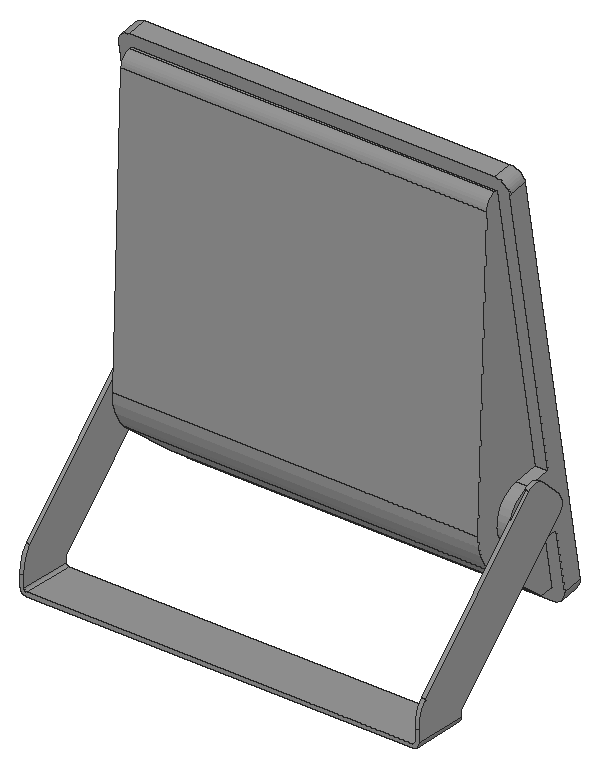
Revit family "SFIP66_100W", category Lighting Fixtures, host Face, Revit 2017
Family settings
  Host = Face
  Round Connector Dimension = Use Diameter
  Part Type = Normal
  OmniClass Number = 23.80.70.00
  OmniClass Title = Lighting
  Cut with Voids When Loaded = No
  Light Source = No
  Shared = No
  Room Calculation Point = No
Parameters (values of type "0048537 START FLOOD IP66 13KLM 840 ASYM")
  WingRadius_SYL = 10 mm
  WingLength_SYL = if([50W_SYL], 100 mm, if([100W_SYL], 142 mm, if([150W_SYL], 142 mm, if([200W_SYL], 150 mm, 170 mm))))  # 142 mm
  WidthBracket_SYL = 40 mm
  Weight = "3.9 kg"
  Wattage Comments = ""
  WarrantyStartDate [instance] = "n/a"
  WarrantyGuarantorParts = "n/a"
  WarrantyDurationUnit = "n/a"
  WarrantyDurationParts = "n/a"
  WarrantyDescription = "n/a"
  Voltage = 0 V
  URL = "http://www.sylvania-lighting.com"
  TypeName = "Start Flood IP66 13KLM 840 ASYM"
  TypeHead_SYL = START Flood IP66 100W luminaire : 0048537
  Type Image = <None>
  Type Comments = "n/a"
  ThicknessBracket_SYL = 3 mm
  SerialNumber [instance] = "n/a"
  RotationAngle_SYL [instance] = -100.00°
  RadiusOutBracket_SYL = 5 mm
  RadiusInBracket_SYL = 2 mm
  Material_3_SYL = none
  PowerFactor = 0.98
  PowerConsumption = "100 W"
  NominalLength = 418 mm
  NominalHeight = 77 mm
  NominalDepth = 330 mm
  Name = "Start Flood IP66 13KLM 840 ASYM"
  ModelReference = Name  # "Start Flood IP66 13KLM 840 ASYM"
  ModelNumber = "0048537"
  Model = Name  # "Start Flood IP66 13KLM 840 ASYM"
  Material = "n/a"
  ManufacturerName = "Feilo Sylvania"
  Manufacturer = "Feilo Sylvania"
  LuminousEfficacy = "132 lm/W"
  LuminaireType = ""
  LightOutputRatio = "n/a"
  LengthIn_SYL = if([50W_SYL], 210 mm, if([100W_SYL], 300 mm, if([150W_SYL], 295 mm, if([200W_SYL], 360 mm, 430 mm))))  # 300 mm
  LampsType = Lamp  # "LED"
  LampNominalLuminous = "13200 lm"
  LampMacAdamStep = "4"
  LampColourTemperature = "4000 K"
  LampColourRenderingIndex = "70"
  Lamp = "LED"
  Keynote = "16500"
  InstallationDate [instance] = "n/a"
  InputVoltage = "n/a"
  InputNominalFrequency = "n/a"
  IngressProtection = "IP66"
  ImpactProtectionIndex = "IK08"
  IfcExportType = "IfcLightFixtureType"
  IfcExportAs = "IfcLightFixtureType"
  EndAngle_SYL [instance] = RotationAngle_SYL + 180.00°  # 80.00°
  ElectricShockClassification = "Class I"
  DocumentationLiterature = "http://www.sylvania-lighting.com/product/en-int/products/0048537"
  DimmingControlOptions = "n/a"
  Material_2_SYL = none
  Description = "Exterior LED Floodlight, comes complete with 1500mm flying lead and adjustable bracket, aluminium housing, clear glass diffuser, IP66, IK08, Class I, 4000K, Non-dimming, 13200lm, 100W, 132lm/W, CRI80, Asymmetrical Wide beam angle (65° x 120° imax@55°), 60000 hrs L70B50 lifetime, 418 x 330 x 77mm (LxWxD) dimensions, 3.9kg weight."
  Default Elevation = 1219.2 mm
  CreatedOn = "9/23/2020"
  CreatedBy = "@sylvania-lighting.com"
  Cost = 0
  built-in parameter 1114216 [instance] = (empty or 0)
  ClassificationValue = "EF_70_80"
  ClassificationName = "Uniclass2015"
  Material_1_SYL = Steel, Paint Finish, Dark Gray, Matte
  BarCode [instance] = "n/a"
  AxisOffsetWingEnd_SYL = WidthBracket_SYL / 2  # 20 mm
  AxisHeight_SYL = sin(45.00°) * WingLength_SYL  # 100.409 mm
  AxisDepth_SYL = cos(45.00°) * (WingLength_SYL - tan(45.00°) * AxisOffsetWingEnd_SYL - AxisOffsetWingEnd_SYL)  # 72.125 mm
  AssetType = "Fixed"
  AssetIdentifier [instance] = "n/a"
  Assembly Code = "D5020200"
  Apparent Load = 100 VA
  Material_4_SYL = none
  50W_SYL = no
  200W_SYL = no
  150W_SYL = no
  100W_SYL = yes
Reference planes
  plane 1 "Center (Front/Back)": y = 0
  plane 2: z = 0
  plane 3 "Center (Left/Right)": x = 0
  plane 4: x = 153
  plane 5: x = -153
  plane 6: x = 150
  plane 7: x = -150
  plane 8: z = 10
  plane 9: y = 20
  plane 10: y = -20
  plane 11: z = 3
  plane 12: z = 110.409
  plane 13: y = 92.125
Forms (mm)
  Extrusion 1, solid, material "Steel, Paint Finish, Dark Gray, Matte" <- "Material_1_SYL"
    sketch origin (0, 0, 0) x (1, 0, 0) y (0, 0, 1)
      loop
        arc (148, 0) -> (151.536, 1.464) -> (153, 5) r 5
        line (153, 5) -> (153, 10) -> (150, 10) -> (150, 5)
        arc (150, 5) -> (149.414, 3.586) -> (148, 3) r 2
        line (148, 3) -> (-148, 3)
        arc (-148, 3) -> (-149.414, 3.586) -> (-150, 5) r 2
        line (-150, 5) -> (-150, 10) -> (-153, 10) -> (-153, 5)
        arc (-153, 5) -> (-151.536, 1.464) -> (-148, 0) r 5
        line (-148, 0) -> (148, 0)
    from -20 to 20
  Extrusion 2, solid, material "Steel, Paint Finish, Dark Gray, Matte" <- "Material_1_SYL"
    sketch origin (150, -4572, 2609.058) x (0, 0, 1) y (0, -1, 0)
      loop
        line (-2599.058, -4592) -> (-2505.72, -4685.338)
        arc (-2505.72, -4685.338) -> (-2498.649, -4688.267) -> (-2491.578, -4685.338) r 10
        line (-2491.578, -4685.338) -> (-2477.436, -4671.196)
        arc (-2477.436, -4671.196) -> (-2474.507, -4664.125) -> (-2477.436, -4657.054) r 10
        line (-2477.436, -4657.054) -> (-2576.632, -4557.858)
        arc (-2576.632, -4557.858) -> (-2585.316, -4553.5) -> (-2594.916, -4552) r 31.464
        line (-2594.916, -4552) -> (-2599.058, -4552) -> (-2599.058, -4592)
    from 0 to 3
  Extrusion 3, solid, material "Steel, Paint Finish, Dark Gray, Matte" <- "Material_1_SYL"
    sketch origin (-153, -4572, 2609.058) x (0, 0, 1) y (0, -1, 0)
      loop
        arc (-2505.72, -4685.338) -> (-2498.649, -4688.267) -> (-2491.578, -4685.338) r 10
        line (-2491.578, -4685.338) -> (-2477.436, -4671.196)
        arc (-2477.436, -4671.196) -> (-2474.507, -4664.125) -> (-2477.436, -4657.054) r 10
        line (-2477.436, -4657.054) -> (-2576.632, -4557.858)
        arc (-2576.632, -4557.858) -> (-2585.316, -4553.5) -> (-2594.916, -4552) r 31.464
        line (-2594.916, -4552) -> (-2604.058, -4552) -> (-2604.058, -4592) -> (-2599.058, -4592) -> (-2505.72, -4685.338)
    from 0 to 3
  Revolve 4, solid, not visible
    sketch origin (1223.4, -4572, 110.409) x (0, -1, 0) y (1, 0, 0)
      loop
        line (-4664.125, -1223.4) -> (-4679.125, -1223.4) -> (-4679.125, -1273.4) -> (-4664.125, -1273.4) -> (-4664.125, -1223.4)
      axis (-4664.125, -1223.4) -> (-4664.125, -1273.4)
    angle from -100 <- "RotationAngle_SYL" to 80 <- "EndAngle_SYL"
Cuts and joins
  joined: Extrusion 1, Extrusion 2, Extrusion 3
Lines and regions (mm)
  reference lines
    curve 1: line (0, 20, 10) -> (0, 172.028, 162.028)
    curve 2: line (0, 133.744, 180.312) -> (0, -20, 26.569)
    curve 3: line (0, 92.125, 138.693) -> (0, 120.409, 110.409)
    curve 4: line (-153, 4.393, 22.678) -> (-153, 170.135, 188.419)
    curve 5: line (0, 77.983, 124.551) -> (0, 106.267, 96.267)
Dimensions and locks
  locked: plane 8 to plane 2 at 10
  equal spacing: plane 10, plane 1 "Center (Front/Back)", plane 9
  "WidthBracket_SYL": plane 10 to plane 9
  "WidthBracket_SYL": curve 1 to curve 2
  "ThicknessBracket_SYL": plane 11 to plane 2
  "WingLength_SYL": curve 1 to curve 3
  level to Extrusion 1 = 10 mm
  equal spacing: plane 6, plane 3 "Center (Left/Right)", plane 7
  "LengthIn_SYL": plane 6 to plane 7
  equal spacing: plane 4, plane 3 "Center (Left/Right)", plane 5
  "ThicknessBracket_SYL": plane 7 to plane 5
  equal spacing: curve 1, curve 4, curve 2
  "AxisOffsetWingEnd_SYL": curve 3 to curve 5
  "AxisHeight_SYL": plane 12 to plane 8
  "AxisDepth_SYL": plane 9 to plane 13
  "RadiusInBracket_SYL": radius of Extrusion 1 sketch curve  (x2)
  "RadiusOutBracket_SYL": radius of Extrusion 1 sketch curve  (x2)
  "WingRadius_SYL": radius of Extrusion 2 sketch curve  (x2)
  locked: plane 8 to curve 1 (angle 45.00°)
  locked: plane 8 to curve 2 (angle 45.00°)
  aligned and locked: plane 2 to host face
  aligned and locked: level to host face
  aligned and locked: plane 9 to curve 1
  aligned and locked: plane 8 to curve 1
  aligned and locked: plane 10 to curve 2
  aligned and locked: plane 5 to Extrusion 1 sketch curve
  aligned and locked: plane 8 to Extrusion 1 sketch curve  (x2)
  aligned and locked: Extrusion 1 sketch curve to plane 7
  aligned and locked: plane 11 to Extrusion 1 sketch curve
  aligned and locked: plane 6 to Extrusion 1 sketch curve
  aligned and locked: Extrusion 1 sketch curve to plane 4
  aligned and locked: Extrusion 1 to plane 9
  aligned and locked: plane 10 to Extrusion 1
  aligned and locked: Extrusion 2 sketch curve to curve 1
  aligned and locked: curve 2 to Extrusion 2 sketch curve
  aligned and locked: plane 10 to Extrusion 2 sketch curve
  aligned and locked: Extrusion 2 sketch curve to Extrusion 1
  aligned and locked: plane 4 to Extrusion 2
  aligned and locked: Extrusion 2 to plane 6
  aligned and locked: plane 7 to Extrusion 3
  aligned and locked: Extrusion 3 to plane 5
  aligned and locked: cut or joined group of Extrusion 1, Extrusion 2, Extrusion 3 to curve 5  (x2)
  aligned and locked: Revolve 4 sketch curve to plane 13  (x2)
  aligned and locked: Revolve 4 sketch curve to curve 3
  aligned and locked: curve 2 to plane 3 "Center (Left/Right)"
  aligned and locked: Extrusion 3 sketch curve to cut or joined group of Extrusion 1, Extrusion 2, Extrusion 3  (x5)
  aligned and locked: cut or joined group of Extrusion 1, Extrusion 2, Extrusion 3 to Extrusion 3 sketch curve
  aligned and locked: nested 1 to plane 3 "Center (Left/Right)"
Automatic sketch dimensions
  host sketch curve to host sketch curve = 2438.4 mm  (x2)
  curve 4 to plane 1 "Center (Front/Back)" = 4.393 mm
  curve 4 to plane 9 = 150.135 mm
  Revolve 4 sketch curve to Revolve 4 sketch curve = 15 mm
  Revolve 4 sketch curve to plane 3 "Center (Left/Right)" = 50 mm
  Revolve 4 sketch curve to plane 5 = 1316.635 mm
  plane 4 to Revolve 4 sketch curve = 1441.773 mm
  Extrusion 3 sketch curve to plane 10 = 5.858 mm
  plane 12 to Extrusion 3 sketch curve = 7.071 mm
  Extrusion 3 sketch curve to plane 12 = 7.071 mm
  Extrusion 3 sketch curve to Extrusion 3 sketch curve = 7.071 mm
  plane 13 to Extrusion 3 sketch curve = 7.071 mm
  Extrusion 1 sketch curve to Extrusion 1 sketch curve = 0 mm  (x2)
  plane 12 to Extrusion 2 sketch curve = 0 mm
  Extrusion 2 sketch curve to plane 13 = 0 mm
  Extrusion 2 sketch curve to Extrusion 2 sketch curve = 4.142 mm
  Extrusion 2 sketch curve to plane 10 = 5.858 mm
  plane 12 to Extrusion 2 sketch curve = 7.071 mm
  Extrusion 2 sketch curve to plane 12 = 7.071 mm
  plane 13 to Extrusion 2 sketch curve = 7.071 mm
  Extrusion 2 sketch curve to plane 13 = 7.071 mm
Nested families
  nested 1: "START Flood IP66 100W luminaire" at (0, 92.125, 110.409) x (-1, 0, 0) z (0, 0.9848, 0.1736), type <- "TypeHead_SYL", type "0048537"
    with built-in parameter 1114216 (empty or 0)
Connectors
  electrical at (4.2, 0, 0), driven by "Voltage", driven by "Apparent Load", driven by "PowerFactor"
    settings: on host face, index 1, voltage 0 V, apparent load 100 VA, apparent load phase1 0 VA, apparent load phase2 0 VA, apparent load phase3 0 VA, power factor 0.98, load classification "Other", number of poles 1, system type 30, power factor state 1, is connector primary yes, connector utility no, sub classification motor no, connector description ""
Definition of nested family "START Flood IP66 100W luminaire"
  Parameters (values of type "0048208 Start Flood IP66 14000lm 740 WB")
    WidthHead_SYL = if([50W_SYL], 210 mm, if([100W_SYL], 300 mm, if([150W_SYL], 295 mm, if([200W_SYL], 360 mm, 430 mm))))  # 300 mm
    Wattage Comments = "n/a"
    Wattage = 100 W
    built-in parameter 1150110 = 1 (stored number, unit not read)
    URL = "http://www.sylvania-lighting.com"
    Type Image = (empty or 0)
    Type Comments = "n/a"
    built-in parameter 1114217 = 1 (stored number, unit not read)
    Tilt Angle = -90.00°
    built-in parameter 1150109 = 1 (stored number, unit not read)
    built-in parameter 1150134 = 12
    built-in parameter 1150113 = 1 (stored number, unit not read)
    ScreenThickness_SYL = 14.5 mm  # constant formula
    ReflectorOffset_SYL = 12 mm  # constant formula
    ReflectorOffsetIn_SYL = RadiusReflectorFront_SYL  # 30 mm
    ReflectorHeight_SYL = if([50W_SYL], 145 mm, if([100W_SYL], 165 mm, if([150W_SYL], 210 mm, if([200W_SYL], 240 mm, 290 mm))))  # 165 mm
    RadiusReflectorIn_SYL = 5 mm  # constant formula
    RadiusReflectorFront_SYL = if([50W_SYL], 30 mm, if([100W_SYL], 30 mm, if([150W_SYL], 30 mm, if([200W_SYL], 30 mm, 35 mm))))  # 30 mm
    RadiusHinge_SYL = RadiusBack_SYL / 1.8  # 22.222 mm
    RadiusBack_SYL = if([50W_SYL], 31.3 mm, if([100W_SYL], 40 mm, if([150W_SYL], 40 mm, if([200W_SYL], 50 mm, 55 mm))))  # 40 mm
    Photometric Web File = "0048208.ies"
    OffsetBack_SYL = 10 mm  # constant formula
    Material_5_SYL = none
    Material_3_SYL = none
    Model = "Start Flood IP66 14000lm 740 WB"
    Manufacturer = "Feilo Sylvania"
    built-in parameter 1150105 = 16336.9 (stored number, unit not read)
    Lumens = 14500 lm
    built-in parameter 1150115 = 1 (stored number, unit not read)
    built-in parameter 1150137 = (empty or 0)
    built-in parameter 1150139 = (empty or 0)
    built-in parameter 1150112 = 1 (stored number, unit not read)
    built-in parameter 1150114 = 1 (stored number, unit not read)
    Lamp = "LED"
    Keynote = "16500"
    Material_2_SYL = none
    built-in parameter 1150132 = (empty or 0)
    built-in parameter 1150102 = (empty or 0)
    built-in parameter 1150107 = 4000 (stored number, unit not read)
    built-in parameter 1150138 = (empty or 0)
    built-in parameter 1150106 = 163.37 (stored number, unit not read)
    HeightHead_SYL = if([50W_SYL], 250 mm, if([100W_SYL], 320 mm, if([150W_SYL], 367 mm, if([200W_SYL], 400 mm, 470 mm))))  # 320 mm
    Emit from Rectangle Width = WidthHead_SYL - 4 mm - ReflectorOffset_SYL * 2 - ReflectorOffsetIn_SYL * 2  # 212 mm
    Emit from Rectangle Length = ReflectorHeight_SYL - ReflectorOffsetIn_SYL * 2  # 105 mm
    Emit Shape Visible in Rendering = no
    built-in parameter 1150104 = 13.471 (stored number, unit not read)
    Dimming Lamp Color Temperature Shift = (empty or 0)
    Description = ""
    Default Elevation = 1219.2 mm
    Cost = 0
    Color Filter = 16777215
    built-in parameter 1114216 [instance] = (empty or 0)
    Material_1_SYL = none
    Chamfer_SYL = if([50W_SYL], 15 mm, if([100W_SYL], 15 mm, if([150W_SYL], 15 mm, if([200W_SYL], 15 mm, 20 mm))))  # 15 mm
    built-in parameter 1114218 = 1 (stored number, unit not read)
    AxisOffsetBottom_SYL = if([50W_SYL], 68 mm, if([100W_SYL], 80 mm, if([150W_SYL], 92.2 mm, if([200W_SYL], 99.7 mm, 117 mm))))  # 80 mm
    AxisOffsetFront_SYL = if([50W_SYL], 28.4 mm, if([100W_SYL], 33.2 mm, if([150W_SYL], 33.2 mm, if([200W_SYL], 32.9 mm, 38.3 mm))))  # 33.2 mm
    built-in parameter 1150133 = 10 (stored number, unit not read)
    Assembly Code = "D5020200"
    Apparent Load = 100 VA
    Material_4_SYL = none
    50W_SYL = no
    200W_SYL = no
    150W_SYL = no
    100W_SYL = yes
  Types (2, lengths in mm): name | Wattage | Photometric Web File | Model | built-in parameter 1150105 | Lumens | built-in parameter 1150106 | built-in parameter 1150104 | Apparent Load
    0048209 Start Flood IP66 14000lm 740 ASYM | 99 W | "0048209.ies" | "Start Flood IP66 14000lm 740 ASYM" | 7375.4 (stored number, unit not read) | 13563 lm | 73.754 (stored number, unit not read) | 12.728 (stored number, unit not read) | 99 VA
    0048208 Start Flood IP66 14000lm 740 WB | 100 W | "0048208.ies" | "Start Flood IP66 14000lm 740 WB" | 16336.9 (stored number, unit not read) | 14500 lm | 163.37 (stored number, unit not read) | 13.471 (stored number, unit not read) | 100 VA
  Reference planes
    plane 1 "Center (Front/Back)": y = 0
    plane 2: z = 0
    plane 3 "Center (Left/Right)": x = 0
    plane 4: x = 150
    plane 5: x = -150
    plane 6: y = -80
    plane 7: y = 240
    plane 8: z = 33.2
    plane 9: z = 18.7
    plane 10: y = 230
    plane 11: y = -70
    plane 12: x = -140
    plane 13: x = 140
    plane 14: x = -148
    plane 15: y = 238
    plane 16: x = 148
    plane 17: y = -78
    plane 18: y = 223
    plane 19: x = 133
    plane 20: x = -133
    plane 21: y = -63
    plane 22: z = 31.2
    plane 23: z = 8.7
    plane 24: x = -136
    plane 25: y = 226
    plane 26: x = 136
    plane 27: y = 61
    plane 28: x = -106
    plane 29: y = 91
    plane 30: x = 106
    plane 31: y = 196
    plane 32: y = 143.5
  Forms (mm)
    Extrusion 1, solid
      sketch origin (4.2, 0, 0) x (1, 0, 0) y (0, 1, 0)
        loop
          line (-1219.2, 1219.2) -> (-1219.2, -1219.2) -> (1219.2, -1219.2) -> (1219.2, 1219.2) -> (-1219.2, 1219.2)
      from 0 to -68.017
    Extrusion 2, solid, material <- "Material_1_SYL"
      sketch origin (0, 1219.2, 33.2) x (1, 0, 0) y (0, -1, 0)
        loop
          line (-140, 979.2) -> (140, 979.2)
          arc (140, 979.2) -> (147.071, 982.129) -> (150, 989.2) r 10
          line (150, 989.2) -> (150, 1289.2)
          arc (150, 1289.2) -> (147.071, 1296.271) -> (140, 1299.2) r 10
          line (140, 1299.2) -> (-140, 1299.2)
          arc (-140, 1299.2) -> (-147.071, 1296.271) -> (-150, 1289.2) r 10
          line (-150, 1289.2) -> (-150, 989.2)
          arc (-150, 989.2) -> (-147.071, 982.129) -> (-140, 979.2) r 10
      from 0 to 14.5
    Extrusion 3, void
      sketch origin (0, 1219.2, 33.2) x (1, 0, 0) y (0, -1, 0)
        loop
          line (-133, 981.2) -> (133, 981.2) -> (148, 996.2) -> (148, 1282.2) -> (133, 1297.2) -> (-133, 1297.2) -> (-148, 1282.2) -> (-148, 996.2) -> (-133, 981.2)
      from 0 to 2
    Blend 4, void
      base sketch origin (0, 1219.2, 31.2) x (0, -1, 0) y (1, 0, 0)
        loop
          arc (993.2, -106) -> (1001.987, -127.213) -> (1023.2, -136) r 30
          line (1023.2, -136) -> (1128.2, -136)
          arc (1128.2, -136) -> (1149.413, -127.213) -> (1158.2, -106) r 30
          line (1158.2, -106) -> (1158.2, 106)
          arc (1158.2, 106) -> (1149.413, 127.213) -> (1128.2, 136) r 30
          line (1128.2, 136) -> (1023.2, 136)
          arc (1023.2, 136) -> (1001.987, 127.213) -> (993.2, 106) r 30
          line (993.2, 106) -> (993.2, -106)
      top sketch origin (0, 1219.2, 31.2) x (0, -1, 0) y (1, 0, 0)
        loop
          arc (1023.2, -103) -> (1025.044, -105.183) -> (1027.783, -106) r 5
          line (1027.783, -106) -> (1123.2, -106)
          arc (1123.2, -106) -> (1126.736, -104.536) -> (1128.2, -101) r 5
          line (1128.2, -101) -> (1128.2, 101)
          arc (1128.2, 101) -> (1126.736, 104.536) -> (1123.2, 106) r 5
          line (1123.2, 106) -> (1028.2, 106)
          arc (1028.2, 106) -> (1024.664, 104.536) -> (1023.2, 101) r 5
          line (1023.2, 101) -> (1023.2, -103)
      from 0 to -22.5
    Extrusion 5, solid, material <- "Material_1_SYL"
      sketch origin (0, 0, 0) x (0, 1, 0) y (0, 0, 1)
        loop
          line (-70, 18.7) -> (-70, 13.506)
          arc (-70, 13.506) -> (-68.858, 8.865) -> (-65.693, 5.284) r 10
          line (-65.693, 5.284) -> (-22.772, -32.885)
          arc (-22.772, -32.885) -> (-8.374, -39.114) -> (7.312, -39.326) r 40
          line (7.312, -39.326) -> (222.006, 7.063)
          arc (222.006, 7.063) -> (227.748, 10.538) -> (230, 16.86) r 10
          line (230, 16.86) -> (230, 18.7) -> (-70, 18.7)
      from -140 to 140
    Extrusion 6, solid, material <- "Material_4_SYL"
      sketch origin (0, 1219.2, 31.2) x (1, 0, 0) y (0, -1, 0)
        loop
          line (133, 981.2) -> (148, 996.2) -> (148, 1282.2) -> (133, 1297.2) -> (-133, 1297.2) -> (-148, 1282.2) -> (-148, 996.2) -> (-133, 981.2) -> (133, 981.2)
      from -2 to 0
    Extrusion 7, solid, material <- "Material_1_SYL"
      sketch origin (0, 0, 0) x (0, 1, 0) y (0, 0, 1)
        loop
          arc (-22.222, 0) -> (0, -22.222) -> (22.222, 0) r 22.222
          line (22.222, 0) -> (22.222, 18.7) -> (-22.222, 18.7) -> (-22.222, 0)
      from -150 to 150
  Cuts and joins
    Extrusion 3, Blend 4 cuts Extrusion 2
    joined: Extrusion 2, Extrusion 5, Extrusion 7
  Lines and regions (mm)
    Split face 1
      outline origin (0, 1219.2, 33.2) x (1, 0, 0) y (0, 1, 0)
        loop
          arc (106, -1158.2) -> (127.213, -1149.413) -> (136, -1128.2) r 30
          line (136, -1128.2) -> (136, -1023.2)
          arc (136, -1023.2) -> (127.213, -1001.987) -> (106, -993.2) r 30
          line (106, -993.2) -> (-106, -993.2)
          arc (-106, -993.2) -> (-127.213, -1001.987) -> (-136, -1023.2) r 30
          line (-136, -1023.2) -> (-136, -1128.2)
          arc (-136, -1128.2) -> (-127.213, -1149.413) -> (-106, -1158.2) r 30
          line (-106, -1158.2) -> (106, -1158.2)
    reference lines
      curve 1: circle (0, 0, 0) r 40 normal (1, 0, 0)
      curve 2: line (-106, 226, 33.2) -> (106, 226, 33.2)
      curve 3: line (-136, 91, 33.2) -> (-136, 196, 33.2)
      curve 4: line (106, 61, 33.2) -> (-106, 61, 33.2)
      curve 5: line (136, 196, 33.2) -> (136, 91, 33.2)
      curve 6: arc (-106, 226, 33.2) -> (-127.213, 217.213, 33.2) -> (-136, 196, 33.2) r 30
      curve 7: arc (106, 226, 33.2) -> (127.213, 217.213, 33.2) -> (136, 196, 33.2) r 30
      curve 8: arc (-136, 91, 33.2) -> (-127.213, 69.787, 33.2) -> (-106, 61, 33.2) r 30
      curve 9: arc (106, 61, 33.2) -> (127.213, 69.787, 33.2) -> (136, 91, 33.2) r 30
      curve 10: line (-103, 196, 33.2) -> (101, 196, 33.2)
      curve 11: line (-106, 96, 33.2) -> (-106, 191.417, 33.2)
      curve 12: line (101, 91, 33.2) -> (-101, 91, 33.2)
      curve 13: line (106, 191, 33.2) -> (106, 96, 33.2)
      curve 14: arc (-103, 196, 33.2) -> (-105.183, 194.156, 33.2) -> (-106, 191.417, 33.2) r 5
      curve 15: arc (-101, 91, 33.2) -> (-104.536, 92.464, 33.2) -> (-106, 96, 33.2) r 5
      curve 16: arc (106, 96, 33.2) -> (104.536, 92.464, 33.2) -> (101, 91, 33.2) r 5
      curve 17: arc (101, 196, 33.2) -> (104.536, 194.536, 33.2) -> (106, 191, 33.2) r 5
      curve 18: circle (0, 0, 0) r 22.222 normal (1, 0, 0)
  Dimensions and locks
    equal spacing: plane 4, plane 3 "Center (Left/Right)", plane 5
    "WidthHead_SYL": plane 4 to plane 5
    "AxisOffsetBottom_SYL": plane 6 to plane 1 "Center (Front/Back)"
    "HeightHead_SYL": plane 6 to plane 7
    "AxisOffsetFront_SYL": plane 8 to plane 2
    "ScreenThickness_SYL": plane 9 to plane 8
    equal spacing: plane 12, plane 3 "Center (Left/Right)", plane 13
    "OffsetBack_SYL": plane 5 to plane 12
    "OffsetBack_SYL": plane 10 to plane 7
    "OffsetBack_SYL": plane 6 to plane 11
    locked: plane 6 to plane 17 at 2
    locked: plane 16 to plane 4 at 2
    locked: plane 5 to plane 14 at 2
    locked: plane 15 to plane 7 at 2
    "Chamfer_SYL": plane 19 to plane 16
    "Chamfer_SYL": plane 14 to plane 20
    "Chamfer_SYL": plane 18 to plane 15
    locked: plane 22 to plane 8 at 2
    "Chamfer_SYL": plane 17 to plane 21
    locked: plane 23 to plane 9 at 10
    equal spacing: plane 24, plane 3 "Center (Left/Right)", plane 26
    "ReflectorOffset_SYL": plane 25 to plane 15
    "ReflectorHeight_SYL": plane 27 to plane 25
    "ReflectorOffset_SYL": plane 14 to plane 24
    "ReflectorOffsetIn_SYL": plane 31 to plane 25
    "ReflectorOffsetIn_SYL": plane 24 to plane 28
    "ReflectorOffsetIn_SYL": plane 27 to plane 29
    "ReflectorOffsetIn_SYL": plane 30 to plane 26
    level to Extrusion 7 = 18.7 mm
    equal spacing: plane 29, plane 32, plane 31
    "RadiusBack_SYL": radius of curve 1
    "OffsetBack_SYL": radius of Extrusion 2 sketch curve  (x4)
    "RadiusReflectorFront_SYL": radius of curve 6
    "RadiusReflectorFront_SYL": radius of curve 8
    "RadiusReflectorFront_SYL": radius of curve 9
    "RadiusReflectorFront_SYL": radius of curve 7
    "RadiusReflectorIn_SYL": radius of curve 14
    "RadiusReflectorIn_SYL": radius of curve 15
    "RadiusReflectorIn_SYL": radius of curve 16
    "RadiusReflectorIn_SYL": radius of curve 17
    radius of Extrusion 5 sketch curve = 10 mm  (x2)
    "RadiusHinge_SYL": radius of curve 18
    aligned and locked: plane 2 to Extrusion 1
    aligned and locked: level to Extrusion 1
    aligned and locked: Extrusion 2 sketch curve to plane 7
    aligned and locked: plane 12 to Extrusion 2 sketch curve  (x2)
    aligned and locked: plane 13 to Extrusion 2 sketch curve  (x2)
    aligned and locked: plane 10 to Extrusion 2 sketch curve
    aligned and locked: plane 11 to Extrusion 2 sketch curve  (x2)
    aligned and locked: plane 9 to Extrusion 2
    aligned and locked: Extrusion 2 to plane 8
    aligned and locked: plane 20 to Extrusion 3 sketch curve
    aligned and locked: plane 18 to Extrusion 3 sketch curve
    aligned and locked: plane 14 to Extrusion 3 sketch curve
    aligned and locked: plane 17 to Extrusion 3 sketch curve
    aligned and locked: Extrusion 3 sketch curve to plane 16
    aligned and locked: plane 19 to Extrusion 3 sketch curve
    aligned and locked: plane 15 to Extrusion 3 sketch curve
    aligned and locked: plane 22 to Extrusion 3
    aligned and locked: Extrusion 3 to plane 8
    aligned and locked: curve 2 to plane 25
    aligned and locked: curve 3 to plane 24
    aligned and locked: plane 27 to curve 4
    aligned and locked: plane 26 to curve 5
    aligned and locked: curve 10 to plane 31
    aligned and locked: curve 11 to plane 28
    aligned and locked: plane 29 to curve 12
    aligned and locked: plane 30 to curve 13
    aligned and locked: Blend 4 sketch curve to curve 6
    aligned and locked: Blend 4 sketch curve to curve 8
    aligned and locked: Blend 4 sketch curve to curve 9
    aligned and locked: Blend 4 sketch curve to curve 7
    aligned and locked: Blend 4 sketch curve to curve 10
    aligned and locked: Blend 4 sketch curve to curve 17
    aligned and locked: Blend 4 sketch curve to curve 16
    aligned and locked: Blend 4 sketch curve to curve 15
    aligned and locked: Blend 4 sketch curve to curve 14
    aligned and locked: Blend 4 to plane 22
    aligned and locked: Extrusion 5 sketch curve to curve 1
    aligned and locked: Extrusion 5 to plane 12
    aligned and locked: plane 13 to Extrusion 5
    aligned and locked: plane 23 to Blend 4
    aligned and locked: Extrusion 6 sketch curve to cut or joined group of Extrusion 2, Extrusion 3, Blend 4, Extrusion 5, Extrusion 7  (x8)
    aligned and locked: plane 22 to Extrusion 6
    aligned and locked: Extrusion 6 to plane 8
    aligned and locked: Split face 1 sketch curve to cut or joined group of Extrusion 2, Extrusion 3, Blend 4, Extrusion 5, Extrusion 7  (x4)
    aligned and locked: Extrusion 7 sketch curve to curve 18
    aligned and locked: plane 9 to Extrusion 7 sketch curve  (x2)
    aligned and locked: plane 4 to Extrusion 7
    aligned and locked: Extrusion 7 to plane 5
    aligned and locked: plane 3 "Center (Left/Right)" to imposter light
    aligned and locked: plane 32 to imposter light
    aligned and locked: imposter light to plane 8
  Automatic sketch dimensions
    Extrusion 1 sketch curve to Extrusion 1 sketch curve = 2438.4 mm  (x2)
    Extrusion 3 sketch curve to plane 20 = 0 mm
    Extrusion 3 sketch curve to plane 19 = 0 mm
    plane 21 to Extrusion 3 sketch curve = 0 mm  (x2)
    plane 18 to Extrusion 3 sketch curve = 0 mm
    plane 28 to curve 10 = 3 mm
    curve 1 to curve 18 = 0 mm  (x2)
    curve 18 to level = 0 mm
    curve 18 to plane 1 "Center (Front/Back)" = 0 mm
    Extrusion 7 sketch curve to level = 0 mm
    Extrusion 5 sketch curve to plane 11 = 0 mm
    Extrusion 5 sketch curve to plane 10 = 0 mm
    plane 9 to Extrusion 5 sketch curve = 0 mm
    plane 21 to Extrusion 5 sketch curve = 2.693 mm
    plane 1 "Center (Front/Back)" to Extrusion 5 sketch curve = 22.772 mm
    Extrusion 5 sketch curve to plane 1 "Center (Front/Back)" = 7.312 mm
    plane 18 to Extrusion 5 sketch curve = 0.994 mm
    plane 23 to Extrusion 5 sketch curve = 3.416 mm
    plane 23 to Extrusion 5 sketch curve = 1.637 mm
